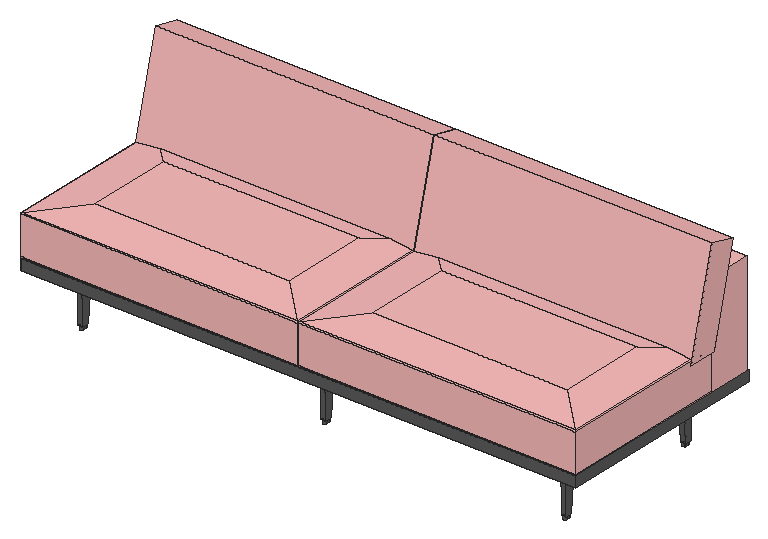
Revit family "Haworth_Lyda_Lounge_Sofa_Armless", category Furniture, Revit 2018
Family settings
  OmniClass Number = 23.40.70.14.64.21
  OmniClass Title = Systems Furniture
  Work Plane-Based = No
  Always vertical = Yes
  Cut with Voids When Loaded = No
  Shared = No
  Room Calculation Point = No
Parameters (values of type "Three Seat Sofa")
  Warranty = "http://www.haworth.com/resources/product-info/warranties"
  Upholstery Finish [instance] = Haworth _ Fabric _ Atlas _ 501 LW-G
  URL - Product = "https://www.haworth.com/na/en/products/lounge-sofas/ottomans/lydalounge.html"
  URL = "www.haworth.com"
  Two Seats = no
  Three Seats = yes
  Sustainability Info = "https://www.haworth.com/company-info/sustainability"
  Standard Width = "42.5, 56.5, 84.5 in"  # constant formula
  Standard Depth = "32.75 in"  # constant formula
  Size = "Verify Final Dim. w/ Haworth"  # constant formula
  Seat Width = if(Chair, 42 1/2", if(Two Seats, 28 1/4", 42 1/4"))  # 42 1/4"
  Seat Height = 17"  # constant formula
  Seat Depth = 25 3/4"  # constant formula
  Revision Number = "1"  # constant formula
  Model = "HCCL-LYL3-NN"
  Manufacturer = "Haworth"  # constant formula
  Leg Offset = 4 1/2"  # constant formula
  Leg Finish = Haworth _ Paint _ Black
  Description = "Haworth - Lyda - Lounge - Chair w/o Arms - Three Seats"
  Chair = not(or(Two Seats, Three Seats))  # no
  Base Finish [instance] = Haworth _ Paint _ Black
  Author = "Haworth (Abd Rahman)"  # constant formula
  Assembly Code = "E2020200"
  Actual Width = if(Chair, 42 1/2", if(Two Seats, 56 1/2", 84 1/2"))  # 84 1/2"
  Actual Height = 30 1/4"  # constant formula
  Actual Depth = 32 3/4"  # constant formula
Types (3): name | Two Seats | Three Seats | Seat Width | Model | Description | Chair | Actual Width
  One Seat Sofa | no | no | 42 1/2" | "HCCL-LYL2-NN" | "Haworth - Lyda - Lounge - Chair w/o Arms - Chair" | yes | 42 1/2"
  Two Seat Sofa | yes | no | 28 1/4" | "HCCL-LYL2-NN" | "Haworth - Lyda - Lounge - Chair w/o Arms - Two Seats" | no | 56 1/2"
  Three Seat Sofa | no | yes | 42 1/4" | "HCCL-LYL3-NN" | "Haworth - Lyda - Lounge - Chair w/o Arms - Three Seats" | no | 84 1/2"
Reference planes (in)
  plane 1: z = 0
  plane 2 "Center L/R": x = -6.17556
  plane 3 "Center F/B": y = -11.5
  plane 4 "Back": y = 4.875
  plane 5 "Front": y = -27.875
  plane 6 "Right": x = 36.07444
  plane 7 "Left": x = -48.42556
  plane 8: z = 17
  plane 9: z = 8.24731
  plane 10: z = 9.90088
  plane 11: z = 7.9995
  plane 12: z = 30.25
  plane 13: x = -42.92556
  plane 14: x = 30.57444
  plane 15: y = 0.375
  plane 16: y = -23.375
Forms (in)
  Extrusion 1, solid, material "Haworth _ Paint _ Black" <- "Base Finish"
    sketch origin (0, 0, 0) x (1, 0, 0) y (0, 1, 0)
      loop
        arc (-48.1677, 4.875) -> (-48.35003, 4.79948) -> (-48.42556, 4.61715) r 0.25785
        line (-48.42556, 4.61715) -> (-48.42556, -27.625)
        arc (-48.42556, -27.625) -> (-48.35233, -27.80178) -> (-48.17556, -27.875) r 0.25
        line (-48.17556, -27.875) -> (36.07444, -27.875) -> (36.07444, 4.875) -> (-48.1677, 4.875)
    from 8.24731 to 9.90088
Lines and regions (in)
  Masking region 1
    outline origin (0, 0, 0) x (1, 0, 0) y (0, 1, 0)
      loop
        line (35.82444, 4.875) -> (-48.1677, 4.875)
        arc (-48.1677, 4.875) -> (-48.35003, 4.79948) -> (-48.42556, 4.61715) r 0.25785
        line (-48.42556, 4.61715) -> (-48.42556, -27.625)
        arc (-48.42556, -27.625) -> (-48.35233, -27.80178) -> (-48.17556, -27.875) r 0.25
        line (-48.17556, -27.875) -> (35.82444, -27.875)
        arc (35.82444, -27.875) -> (36.00122, -27.80178) -> (36.07444, -27.625) r 0.25
        line (36.07444, -27.625) -> (36.07444, 4.625)
        arc (36.07444, 4.625) -> (36.00122, 4.80178) -> (35.82444, 4.875) r 0.25
Dimensions and locks (in)
  equal spacing: plane 7 "Left", plane 2 "Center L/R", plane 6 "Right"
  "Actual Width": plane 7 "Left" to plane 6 "Right"
  equal spacing: plane 4 "Back", plane 3 "Center F/B", plane 5 "Front"
  "Actual Depth": plane 4 "Back" to plane 5 "Front"
  "Seat Height": plane 8 to level
  "Actual Height": plane 12 to level
  locked: plane 14 to plane 6 "Right" at 5.5
  locked: plane 7 "Left" to plane 13 at 5.5
  "Leg Offset": plane 16 to plane 5 "Front"
  "Leg Offset": plane 4 "Back" to plane 15
  aligned and locked: Extrusion 1 to plane 10
  aligned and locked: Extrusion 1 to plane 9
  aligned and locked: Extrusion 1 sketch curve to plane 6 "Right"
  aligned and locked: Extrusion 1 sketch curve to plane 5 "Front"
  aligned and locked: Extrusion 1 sketch curve to plane 7 "Left"
  aligned and locked: Extrusion 1 sketch curve to plane 4 "Back"
  aligned and locked: plane 14 to nested 3
  aligned and locked: nested 4 to plane 14
  aligned and locked: nested 2 to plane 13
  aligned and locked: plane 13 to nested 1
  aligned and locked: nested 5 to plane 2 "Center L/R"
  aligned and locked: plane 2 "Center L/R" to nested 6
  aligned and locked: plane 6 "Right" to nested 8
  aligned and locked: plane 5 "Front" to nested 8
  aligned and locked: plane 5 "Front" to nested 7
  aligned and locked: plane 7 "Left" to nested 7
  aligned and locked: plane 7 "Left" to nested 9
  aligned and locked: plane 4 "Back" to nested 9
  aligned and locked: plane 4 "Back" to nested 10
  aligned and locked: plane 6 "Right" to nested 10
  aligned and locked: plane 10 to nested 10
  aligned and locked: plane 10 to nested 9
  aligned and locked: plane 10 to nested 8
  aligned and locked: plane 10 to nested 7
  aligned and locked: Masking region 1 to plane 7 "Left"
  aligned and locked: Masking region 1 to plane 5 "Front"
  aligned and locked: plane 6 "Right" to Masking region 1
  aligned and locked: plane 4 "Back" to Masking region 1
  aligned and locked: nested 1 to plane 16
  aligned and locked: nested 3 to plane 16
  aligned and locked: plane 15 to nested 4
  aligned and locked: plane 15 to nested 2
Automatic sketch dimensions
  Masking region 1 sketch curve to plane 7 "Left" = 0"
  Masking region 1 sketch curve to plane 5 "Front" = 0"
  Masking region 1 sketch curve to plane 4 "Back" = 0"
  Masking region 1 sketch curve to plane 6 "Right" = 0"
  Masking region 1 sketch curve to Masking region 1 sketch curve = 1/4"  (x2)
  plane 7 "Left" to Masking region 1 sketch curve = 0.25785"
  Masking region 1 sketch curve to plane 4 "Back" = 1/4"
  plane 7 "Left" to Extrusion 1 sketch curve = 1/4"
  Extrusion 1 sketch curve to plane 4 "Back" = 0.25785"
Nested families (in)
  nested 1: "Haworth_Lyda_Leg_PART" at (-36.79542, -7.50667, 0), Support Finish <- "Leg Finish", type "Leg - PART"
    with Support Finish Haworth _ Paint _ Black
  nested 2: "Haworth_Lyda_Leg_PART" at (-49.05569, -15.49333, 0) x (-1, 0, 0) z (0, 0, 1), Support Finish <- "Leg Finish", type "Leg - PART"
    with Support Finish Haworth _ Paint _ Black
  nested 3: "Haworth_Lyda_Leg_PART" at (36.70458, -7.50667, 0), Support Finish <- "Leg Finish", type "Leg - PART"
    with Support Finish Haworth _ Paint _ Black
  nested 4: "Haworth_Lyda_Leg_PART" at (24.44431, -15.49333, 0) x (-1, 0, 0) z (0, 0, 1), Support Finish <- "Leg Finish", type "Leg - PART"
    with Support Finish Haworth _ Paint _ Black
  nested 5: "Haworth_Lyda_Leg_PART" at (-0.04542, -7.26909, 0), Support Finish <- "Leg Finish", visible <- "Three Seats", type "Leg - PART"
    with Support Finish Haworth _ Paint _ Black
  nested 6: "Haworth_Lyda_Leg_PART" at (-12.30569, -15.71295, 0) x (-1, 0, 0) z (0, 0, 1), Support Finish <- "Leg Finish", visible <- "Three Seats", type "Leg - PART"
    with Support Finish Haworth _ Paint _ Black
  nested 7: "Haworth_Lyda_Cushion_Rectangle_PART" at (-21.125, -0.10151, 0), Cushion Finish <- "Upholstery Finish", type "Cushion - Rectangle - PART"
    with Cushion Finish Haworth _ Fabric _ Atlas _ 501 LW-G, Actual Width 42 1/4", Actual Depth 25 3/4"
  nested 8: "Haworth_Lyda_Cushion_Rectangle_PART" at (21.125, -0.10151, 0), Cushion Finish <- "Upholstery Finish", type "Cushion - Rectangle - PART"
    with Cushion Finish Haworth _ Fabric _ Atlas _ 501 LW-G, Actual Width 42 1/4", Actual Depth 25 3/4"
  nested 9: "Haworth_Lyda_BackUpholstery_PART" at (-21.125, 0, 0), Back Upholstery Finish <- "Upholstery Finish", type "Back Upholstery - PART"
    with Back Upholstery Finish Haworth _ Fabric _ Atlas _ 501 LW-G
  nested 10: "Haworth_Lyda_BackUpholstery_PART" at (21.125, 0, 0), Back Upholstery Finish <- "Upholstery Finish", type "Back Upholstery - PART"
    with Back Upholstery Finish Haworth _ Fabric _ Atlas _ 501 LW-G
Definition of nested family "Haworth_Lyda_Leg_PART"
  Parameters (values of type "Leg - PART")
    Warranty = "http://www.haworth.com/resources/product-info/warranties"
    URL - Product = "https://www.haworth.com/na/en/products/lounge-sofas/ottomans/lydalounge.html"
    URL = "www.haworth.com"
    Sustainability Info = "https://www.haworth.com/company-info/sustainability"
    Support Finish [instance] = none
    Size = "Verify Final Dim. w/ Haworth"  # constant formula
    Revision Number = "1"  # constant formula
    Model = "Haworth Lyda"  # constant formula
    Manufacturer = "Haworth"  # constant formula
    Description = "Haworth - Lyda - Leg PART"  # constant formula
    Author = "Haworth (Abd Rahman)"  # constant formula
    Assembly Code = "E2020200"
    Actual Width = 3 1/4"  # constant formula
    Actual Height = 8 63/256"  # constant formula
    Actual Depth = 7 241/256"  # constant formula
  Reference planes (in)
    plane 1: z = 0
    plane 2: z = 8.24609
    plane 3: z = 7.9995
    plane 4 "Center (Front/Back)": y = -11.89763
    plane 5 "Right": x = -4.50514
    plane 6 "Left": x = -7.75514
    plane 7 "Center (Left/Right)": x = -6.13014
    plane 8 "Front": y = -15.86833
    plane 9 "Back": y = -7.92693
  Forms (in)
    Blend 1, solid, material <- "Support Finish"
      base sketch origin (-15.7151, 7.34424, 0) x (1, 0, 0) y (0, 1, 0)
        loop
          arc (10.9737, -15.75611) -> (10.90047, -15.57933) -> (10.7237, -15.50611) r 0.25
          line (10.7237, -15.50611) -> (8.44615, -15.50611)
          arc (8.44615, -15.50611) -> (8.26938, -15.57933) -> (8.19615, -15.75611) r 0.25
          line (8.19615, -15.75611) -> (8.19615, -22.72652)
          arc (8.19615, -22.72652) -> (8.28096, -22.91416) -> (8.47783, -22.97451) r 0.25
          line (8.47783, -22.97451) -> (9.08232, -22.89729)
          arc (9.08232, -22.89729) -> (9.58492, -23.2126) -> (10.08752, -22.89729) r 0.55823
          line (10.08752, -22.89729) -> (10.69202, -22.97451)
          arc (10.69202, -22.97451) -> (10.88889, -22.91416) -> (10.9737, -22.72652) r 0.25
          line (10.9737, -22.72652) -> (10.9737, -15.75611)
      top sketch origin (-15.7151, 7.34424, 0) x (1, 0, 0) y (0, 1, 0)
        loop
          arc (7.95996, -22.71316) -> (8.10642, -23.06673) -> (8.45999, -23.21316) r 0.5
          line (8.45999, -23.21316) -> (10.70997, -23.21304)
          arc (10.70997, -23.21304) -> (11.06351, -23.06658) -> (11.20994, -22.71304) r 0.5
          line (11.20994, -22.71304) -> (11.20994, -15.76992)
          arc (11.20994, -15.76992) -> (11.0635, -15.41636) -> (10.70994, -15.26992) r 0.5
          line (10.70994, -15.26992) -> (8.45996, -15.26992)
          arc (8.45996, -15.26992) -> (8.10641, -15.41636) -> (7.95996, -15.76992) r 0.5
          line (7.95996, -15.76992) -> (7.95996, -22.71316)
      from 7.9995 to 8.24731
    Extrusion 2, solid, material <- "Support Finish"
      sketch origin (-0.64065, 7.34424, 0) x (0, 1, 0) y (0, 0, 1)
        loop
          arc (-22.89729, 7.9995) -> (-23.09889, 8.06946) -> (-23.21382, 8.24927) r 0.32546
          line (-23.21382, 8.24927) -> (-23.14652, 0.56683)
          arc (-23.14652, 0.56683) -> (-23.12554, 0.5171) -> (-23.07562, 0.49656) r 0.0709
          line (-23.07562, 0.49656) -> (-22.29789, 0.49656)
          arc (-22.29789, 0.49656) -> (-22.25795, 0.51209) -> (-22.23899, 0.55052) r 0.05913
          arc (-22.23899, 0.55052) -> (-22.04885, 2.57156) -> (-21.83293, 4.59) r 159.07204
          arc (-21.83293, 4.59) -> (-21.73327, 5.12242) -> (-21.55814, 5.63499) r 3.75965
          arc (-21.55814, 5.63499) -> (-21.10365, 6.18486) -> (-20.4224, 6.39658) r 1.25
          line (-20.4224, 6.39658) -> (-17.30777, 6.4338)
          arc (-17.30777, 6.4338) -> (-16.18821, 6.89165) -> (-15.70269, 7.9995) r 1.61124
          line (-15.70269, 7.9995) -> (-22.89729, 7.9995)
      from -5.85929 to -5.16531
    Extrusion 3, solid, material <- "Support Finish"
      sketch origin (-15.7151, 7.34424, 0) x (1, 0, 0) y (0, 1, 0)
        loop
          arc (9.27139, -22.83335) -> (9.58492, -23.14688) -> (9.89846, -22.83335) r 0.31353
          line (9.89846, -22.83335) -> (9.89846, -22.36609)
          arc (9.89846, -22.36609) -> (9.86123, -22.27621) -> (9.77135, -22.23898) r 0.12711
          line (9.77135, -22.23898) -> (9.39989, -22.23898)
          arc (9.39989, -22.23898) -> (9.30903, -22.27662) -> (9.27139, -22.36748) r 0.1285
          line (9.27139, -22.36748) -> (9.27139, -22.83335)
      from 0 to 0.49656
  Cuts and joins
    joined: Blend 1, Extrusion 2, Extrusion 3
  Lines and regions (in)
    symbolic lines
      curve 1: line (-4.50515, -15.3688, 0) -> (-4.50515, -8.42567, 0)
      curve 2: arc (-4.50515, -8.42567, 0) -> (-4.6516, -8.07212, 0) -> (-5.00515, -7.92567, 0) r 0.5
      curve 3: line (-5.00515, -7.92567, 0) -> (-7.25514, -7.92567, 0)
      curve 4: arc (-7.25514, -7.92567, 0) -> (-7.60869, -8.07212, 0) -> (-7.75514, -8.42567, 0) r 0.5
      curve 5: line (-7.75514, -8.42567, 0) -> (-7.75514, -15.36892, 0)
      curve 6: arc (-7.75514, -15.36892, 0) -> (-7.60869, -15.72248, 0) -> (-7.25514, -15.86892, 0) r 0.5
      curve 7: arc (-5.00513, -15.8688, 0) -> (-4.65159, -15.72234, 0) -> (-4.50515, -15.3688, 0) r 0.5
      curve 8: line (-7.25514, -15.86892, 0) -> (-5.00511, -15.86892, 0)
  Dimensions and locks (in)
    equal spacing: plane 6 "Left", plane 7 "Center (Left/Right)", plane 5 "Right"
    "Actual Width": plane 6 "Left" to plane 5 "Right"
    equal spacing: plane 8 "Front", plane 4 "Center (Front/Back)", plane 9 "Back"
    "Actual Depth": plane 8 "Front" to plane 9 "Back"
    "Actual Height": plane 2 to level
  Automatic sketch dimensions
    Blend 1 sketch curve to Blend 1 sketch curve = 1/4"  (x3)
    Blend 1 sketch curve to Blend 1 sketch curve = 0.03168"  (x2)
    Blend 1 sketch curve to Blend 1 sketch curve = 0.60449"  (x2)
    Blend 1 sketch curve to Blend 1 sketch curve = 0.5026"  (x2)
    Blend 1 sketch curve to Blend 1 sketch curve = 2.27754"
    Blend 1 sketch curve to Blend 1 sketch curve = 0"
    Blend 1 sketch curve to Blend 1 sketch curve = 0.07722"
    Blend 1 sketch curve to Blend 1 sketch curve = 0.24292"
    Blend 1 sketch curve to Blend 1 sketch curve = 1/2"  (x3)
    Blend 1 sketch curve to Blend 1 sketch curve = 0.00003"  (x2)
    Blend 1 sketch curve to Blend 1 sketch curve = 2 1/4"  (x2)
    Blend 1 sketch curve to Blend 1 sketch curve = 0.00012"
    plane 3 to Extrusion 2 sketch curve = 0"
    Extrusion 2 sketch curve to plane 2 = 0.00318"
    level to Extrusion 2 sketch curve = 0.56683"
    Extrusion 2 sketch curve to Extrusion 2 sketch curve = 0.0709"
    Extrusion 2 sketch curve to Extrusion 2 sketch curve = 0.31654"
    Extrusion 2 sketch curve to Extrusion 2 sketch curve = 0.77773"
    plane 3 to Extrusion 2 sketch curve = 1.60292"
    Extrusion 2 sketch curve to Extrusion 2 sketch curve = 2.47489"
    Extrusion 2 sketch curve to Extrusion 2 sketch curve = 0.01494"
    Extrusion 2 sketch curve to Extrusion 2 sketch curve = 2.31023"
    Extrusion 2 sketch curve to plane 3 = 0.04553"
    Extrusion 2 sketch curve to Extrusion 2 sketch curve = 3.10911"
    plane 3 to Extrusion 2 sketch curve = 1.5657"
    Extrusion 2 sketch curve to Extrusion 2 sketch curve = 0.00552"
    Extrusion 2 sketch curve to level = 13.33836"
    Extrusion 2 sketch curve to Extrusion 2 sketch curve = 0.07028"
    Extrusion 2 sketch curve to Extrusion 2 sketch curve = 0.05913"
    Extrusion 2 sketch curve to Extrusion 2 sketch curve = 2.26753"
    Extrusion 2 sketch curve to Extrusion 2 sketch curve = 1.24991"
    Extrusion 2 sketch curve to Extrusion 2 sketch curve = 0"  (x2)
    Extrusion 3 sketch curve to Extrusion 3 sketch curve = 0.1285"
    Extrusion 3 sketch curve to Extrusion 3 sketch curve = 0.31353"
    Extrusion 3 sketch curve to Extrusion 3 sketch curve = 0.12711"
    Extrusion 3 sketch curve to Extrusion 3 sketch curve = 0.46587"
    Blend 1 sketch curve to plane 6 "Left" = 0.23619"
    Blend 1 sketch curve to plane 6 "Left" = 0"
    Extrusion 3 sketch curve to plane 6 "Left" = 1.31143"
    Blend 1 sketch curve to plane 4 "Center (Front/Back)" = 3.48576"
    Blend 1 sketch curve to plane 4 "Center (Front/Back)" = 3.47195"
    Extrusion 2 sketch curve to Extrusion 2 sketch curve = 151.92826"
    plane 4 "Center (Front/Back)" to Blend 1 sketch curve = 3.4125"
    plane 4 "Center (Front/Back)" to Blend 1 sketch curve = 3.47117"
    plane 4 "Center (Front/Back)" to Extrusion 2 sketch curve = 3.97195"
    plane 4 "Center (Front/Back)" to Extrusion 2 sketch curve = 3.90465"
    plane 4 "Center (Front/Back)" to Extrusion 3 sketch curve = 3.59148"
    curve 6 to plane 6 "Left" = 0"
    curve 6 to plane 6 "Left" = 1/2"
    curve 3 to plane 9 "Back" = 0.00125"
    curve 3 to plane 6 "Left" = 1/2"
    plane 5 "Right" to curve 7 = 1/2"
    plane 5 "Right" to curve 2 = 1/2"
    plane 5 "Right" to curve 1 = 0"
    curve 1 to plane 8 "Front" = 0.49953"
    curve 6 to plane 8 "Front" = 0.49941"
    plane 8 "Front" to curve 7 = 0.00047"
    curve 7 to curve 8 = 0"
    curve 8 to curve 7 = 0.00012"
Definition of nested family "Haworth_Lyda_Cushion_Rectangle_PART"
  Parameters (values of type "Cushion - PART")
    Warranty = "http://www.haworth.com/resources/product-info/warranties"
    URL - Product = "https://www.haworth.com/na/en/products/lounge-sofas/ottomans/lydalounge.html"
    URL = "www.haworth.com"
    Sustainability Info = "https://www.haworth.com/company-info/sustainability"
    Size = "Verify Final Dim. w/ Haworth"  # constant formula
    Seat Height = 17"  # constant formula
    Revision Number = "1"  # constant formula
    Model = "Haworth - Lyda"  # constant formula
    Manufacturer = "Haworth"  # constant formula
    Description = "Haworth - Lyda - Lounge - Cushion - Rectangle - PART"  # constant formula
    Cushion Finish [instance] = none
    Author = "Haworth (Abd Rahman)"  # constant formula
    Assembly Code = "E2020200"
    Actual Width = 56 1/2"
    Actual Height = 30 1/4"  # constant formula
    Actual Depth = 32 3/4"
  Reference planes (in)
    plane 1: z = 0
    plane 2 "Center L/R": x = -6.17556
    plane 3 "Front": y = -31.27349
    plane 4 "Right": x = 22.07444
    plane 5 "Left": x = -34.42556
    plane 6: z = 17
    plane 7: z = 8.24731
    plane 8: z = 9.90088
    plane 9: z = 7.9995
    plane 10: z = 30.25
    plane 11: x = -24.42556
    plane 12: x = 12.07444
    plane 13 "Back": y = 1.47651
    plane 14 "Center (Front/Back)": y = -14.89849
    plane 15: y = -8.52534
    plane 16: y = -21.27349
  Forms (in)
    Extrusion 1, solid, material <- "Cushion Finish"
      sketch origin (0, 0, 0) x (1, 0, 0) y (0, 1, 0)
        loop
          line (-24.42556, -8.52534) -> (-24.42556, -21.27349) -> (12.07444, -21.27349) -> (12.07444, -8.52534) -> (-24.42556, -8.52534)
      from 9.90088 to 16.68463
    Sweep 2, solid, material <- "Cushion Finish"
      path in 3D
        loop
          line (12.07444, -8.52534, 16.68463) -> (-24.42556, -8.52534, 16.68463) -> (-24.42556, -21.27349, 16.68463) -> (12.07444, -21.27349, 16.68463) -> (12.07444, -8.52534, 16.68463)
      profile origin (12.07444, -14.89941, 16.68463) x (-1, 0, 0) y (0, 0, 1)
        loop
          line (0, 0) -> (-3.70108, 0)
          arc (-3.70108, 0) -> (-6.80163, -0.15611) -> (-9.87082, -0.62287) r 30.86799
          arc (-9.87082, -0.62287) -> (-9.9636, -0.67895) -> (-10, -0.78107) r 0.16145
          line (-10, -0.78107) -> (-10, -6.65029)
          arc (-10, -6.65029) -> (-9.96149, -6.74327) -> (-9.8685, -6.78179) r 0.1315
          line (-9.8685, -6.78179) -> (0, -6.78179) -> (0, 0)
  Cuts and joins
    joined: Extrusion 1, Sweep 2
  Lines and regions (in)
    Masking region 1
      outline origin (0, 0, 0) x (1, 0, 0) y (0, 1, 0)
        loop
          line (-34.42736, 1.47641) -> (-34.42736, -31.27524) -> (22.07625, -31.27524) -> (22.07625, 1.47641) -> (-34.42736, 1.47641)
    sketch lines
      curve 1: line (12.07444, -21.27349, 16.68463) -> (12.07444, -8.52534, 16.68463)
      curve 2: line (12.07444, -8.52534, 16.68463) -> (-24.42556, -8.52534, 16.68463)
      curve 3: line (-24.42556, -8.52534, 16.68463) -> (-24.42556, -21.27349, 16.68463)
      curve 4: line (-24.42556, -21.27349, 16.68463) -> (12.07444, -21.27349, 16.68463)
  Dimensions and locks (in)
    equal spacing: plane 5 "Left", plane 2 "Center L/R", plane 4 "Right"
    "Actual Width": plane 5 "Left" to plane 4 "Right"
    "Seat Height": plane 6 to level
    "Actual Height": plane 10 to level
    locked: plane 12 to plane 4 "Right" at 10
    locked: plane 5 "Left" to plane 11 at 10
    equal spacing: plane 3 "Front", plane 14 "Center (Front/Back)", plane 13 "Back"
    "Actual Depth": plane 3 "Front" to plane 13 "Back"
    locked: plane 3 "Front" to plane 16 at 10
    locked: plane 15 to plane 13 "Back" at 10.00185
    aligned and locked: plane 12 to Extrusion 1 sketch curve
    aligned and locked: Extrusion 1 sketch curve to plane 11
    aligned and locked: plane 8 to Extrusion 1
    aligned and locked: Masking region 1 sketch curve to cut or joined group of Extrusion 1, Sweep 2  (x4)
    aligned and locked: Sweep 2 sketch curve to plane 4 "Right"
    aligned and locked: Extrusion 1 sketch curve to plane 16
    aligned and locked: plane 15 to Extrusion 1 sketch curve
  Automatic sketch dimensions
    Sweep 2 sketch curve to profile plane = 0"  (x2)
    profile plane to Sweep 2 sketch curve = 3.70108"
    Sweep 2 sketch curve to profile plane = 0.78107"
    Sweep 2 sketch curve to Sweep 2 sketch curve = 0.02996"
    Sweep 2 sketch curve to Sweep 2 sketch curve = 0.16145"
    Sweep 2 sketch curve to Sweep 2 sketch curve = 5.86922"
    Sweep 2 sketch curve to Sweep 2 sketch curve = 24.0862"
Definition of nested family "Haworth_Lyda_BackUpholstery_PART"
  Parameters (values of type "Back Upholstery - PART")
    Warranty = "http://www.haworth.com/resources/product-info/warranties"
    URL - Product = "https://www.haworth.com/na/en/products/lounge-sofas/ottomans/lydalounge.html"
    URL = "www.haworth.com"
    Sustainability Info = "https://www.haworth.com/company-info/sustainability"
    Size = "Verify Final Dim. w/ Haworth"  # constant formula
    Seat Height = 17"  # constant formula
    Revision Number = "1"  # constant formula
    Model = "Haworth - Lyda"  # constant formula
    Manufacturer = "Haworth"  # constant formula
    Description = "Haworth - Lyda - Back Upholstery - PART"  # constant formula
    Back Upholstery Finish [instance] = none
    Author = "Haworth (Abd Rahman)"  # constant formula
    Assembly Code = "E2020200"
    Actual Width = 42 1/4"
    Actual Height = 30 1/4"  # constant formula
    Actual Depth = 10 245/256"  # constant formula
  Reference planes (in)
    plane 1: z = 0
    plane 2 "Center L/R": x = -6.17556
    plane 3 "Back": y = 4.875
    plane 4 "Right": x = 14.94944
    plane 5 "Left": x = -27.30056
    plane 6: z = 17
    plane 7: z = 8.24731
    plane 8: z = 9.90088
    plane 9: z = 7.9995
    plane 10: z = 30.25
    plane 11 "Front": y = -6.08203
    plane 12 "Center (Front/Back)": y = -0.60352
  Forms (in)
    Sweep 1, solid, material <- "Back Upholstery Finish"
      path origin (-32.25, 0, 0) x (1, 0, 0) y (0, 1, 0)
        loop
          line (47.19944, 0.99703) -> (4.94944, 0.99703)
      profile origin (-6.17556, 0.99703, 0) x (0, -1, 0) y (0, 0, 1)
        loop
          line (-3.64093, 9.90088) -> (3.12279, 9.90088) -> (3.12203, 15.32659) -> (2.73707, 15.32659) -> (0, 25.59256) -> (-3.59839, 25.59675)
          arc (-3.59839, 25.59675) -> (-3.88208, 17.74953) -> (-3.64093, 9.90088) r 117.48518
    Sweep 2, solid, material <- "Back Upholstery Finish"
      path origin (-32.25, 0, 0) x (1, 0, 0) y (0, 1, 0)
        loop
          line (47.19944, -2.12173) -> (4.94944, -2.12173)
      profile origin (-6.17556, -2.12173, 0) x (0, -1, 0) y (0, 0, 1)
        loop
          arc (3.96036, 15.32659) -> (2.17689, 22.84002) -> (0.00327, 30.25) r 147.73615
          arc (0.00327, 30.25) -> (-2.06438, 29.82589) -> (-4.08326, 29.21012) r 22.52629
          line (-4.08326, 29.21012) -> (-0.38169, 15.32659) -> (3.96036, 15.32659)
  Lines and regions (in)
    Masking region 1
      outline origin (0, 0, 0) x (1, 0, 0) y (0, 1, 0)
        loop
          line (14.69944, 4.875) -> (-27.0427, 4.875)
          arc (-27.0427, 4.875) -> (-27.22503, 4.79948) -> (-27.30056, 4.61715) r 0.25785
          line (-27.30056, 4.61715) -> (-27.30056, -5.83209)
          arc (-27.30056, -5.83209) -> (-27.22733, -6.00887) -> (-27.05056, -6.08209) r 0.25
          line (-27.05056, -6.08209) -> (14.69944, -6.08209)
          arc (14.69944, -6.08209) -> (14.87622, -6.00887) -> (14.94944, -5.83209) r 0.25
          line (14.94944, -5.83209) -> (14.94944, 4.625)
          arc (14.94944, 4.625) -> (14.87622, 4.80178) -> (14.69944, 4.875) r 0.25
    symbolic lines
      curve 1: line (-27.30056, 1.96156, 0) -> (14.94944, 1.96156, 0)
      curve 2: line (14.94944, 1.96156, 0) -> (14.94944, -2.12574, 0)
      curve 3: line (14.94944, -2.12574, 0) -> (-27.30056, -2.12574, 0)
      curve 4: line (-27.30056, 0.99706, 0) -> (14.94944, 0.99706, 0)
      curve 5: line (14.94944, -1.74001, 0) -> (-27.30056, -1.74001, 0)
  Dimensions and locks (in)
    equal spacing: plane 5 "Left", plane 2 "Center L/R", plane 4 "Right"
    "Actual Width": plane 5 "Left" to plane 4 "Right"
    "Seat Height": plane 6 to level
    "Actual Height": plane 10 to level
    equal spacing: plane 3 "Back", plane 12 "Center (Front/Back)", plane 11 "Front"
    "Actual Depth": plane 3 "Back" to plane 11 "Front"
    aligned and locked: plane 4 "Right" to Sweep 2 sketch curve
    aligned and locked: plane 4 "Right" to Sweep 1 sketch curve
    aligned and locked: Sweep 2 to Masking region 1 sketch curve
  Automatic sketch dimensions
    Masking region 1 sketch curve to plane 5 "Left" = 0"
    Masking region 1 sketch curve to plane 3 "Back" = 0"
    Masking region 1 sketch curve to plane 4 "Right" = 0"
    Masking region 1 sketch curve to Masking region 1 sketch curve = 1/4"  (x2)
    plane 5 "Left" to Masking region 1 sketch curve = 0.25785"
    Masking region 1 sketch curve to plane 3 "Back" = 1/4"
    Sweep 1 sketch curve to plane 5 "Left" = 0"
    Sweep 1 sketch curve to profile plane = 0"
    profile plane to Sweep 1 sketch curve = 3.59839"
    profile plane to Sweep 1 sketch curve = 3.64093"
    Sweep 1 sketch curve to profile plane = 2.73707"
    Sweep 1 sketch curve to Sweep 1 sketch curve = 0.38496"
    Sweep 1 sketch curve to profile plane = 3.12279"
    level to Sweep 1 sketch curve = 17.4311"
    Sweep 1 sketch curve to Sweep 1 sketch curve = 110.48064"
    level to Sweep 1 sketch curve = 15.32659"
    Sweep 1 sketch curve to Sweep 1 sketch curve = 5.42571"
    Sweep 1 sketch curve to Sweep 1 sketch curve = 0.00419"
    Sweep 2 sketch curve to plane 5 "Left" = 0"
    Sweep 2 sketch curve to level = 15.02513"
    profile plane to Sweep 2 sketch curve = 140.62437"
    profile plane to Sweep 2 sketch curve = 4.08326"
    profile plane to Sweep 2 sketch curve = 0.38169"
    Sweep 2 sketch curve to profile plane = 3.49076"
    Sweep 2 sketch curve to profile plane = 3.96036"
    level to Sweep 2 sketch curve = 7.99531"
    Sweep 2 sketch curve to Sweep 2 sketch curve = 7.33128"
    Sweep 2 sketch curve to Sweep 2 sketch curve = 13.88353"
    Sweep 1 sketch curve to plane 3 "Back" = 3.87797"
    Sweep 2 sketch curve to plane 3 "Back" = 6.99673"
    curve 1 to plane 5 "Left" = 0"
    curve 5 to plane 5 "Left" = 0"
    curve 2 to plane 4 "Right" = 0"
    curve 3 to plane 12 "Center (Front/Back)" = 1.52222"
    curve 4 to curve 1 = 0.9645"
    curve 3 to curve 5 = 0.38572"
    curve 4 to plane 5 "Left" = 0"
    curve 3 to plane 5 "Left" = 0"
    plane 12 "Center (Front/Back)" to curve 4 = 1.60057"
